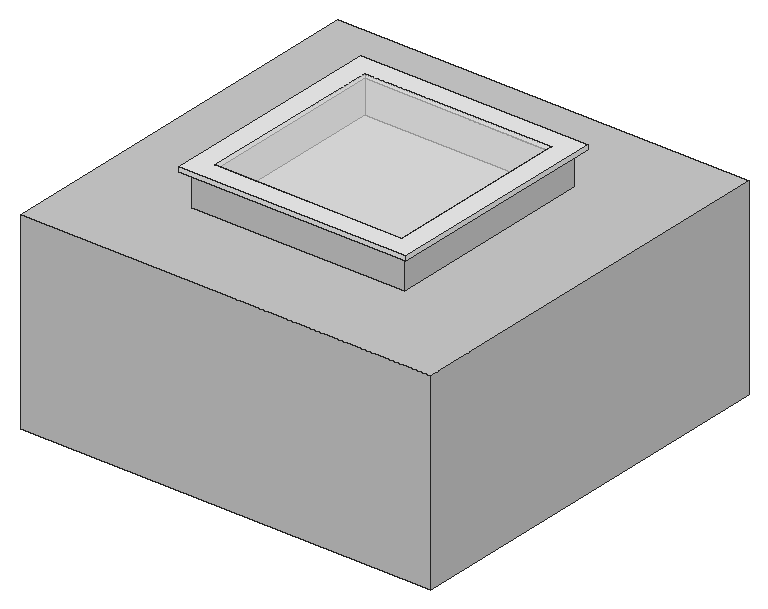
Revit family "Lighting-Recessed-Amerlux-E475SDX-A15", category Lighting Fixtures, host Face, Revit 2014
Parameters (values of type "Trim")
  Width = 10 1/16"
  Wattage = 9.2903 W
  built-in parameter 1150110 = 1 (stored number, unit not read)
  Voltage = 0 V
  URL = "http://www.amerlux.com/"
  Trim Size = 5 3/4"
  Trim [instance] = yes
  built-in parameter 1114217 = 1 (stored number, unit not read)
  Tilt Angle = -90.00°
  built-in parameter 1150109 = 1 (stored number, unit not read)
  built-in parameter 1150134 = 3
  built-in parameter 1150113 = 1 (stored number, unit not read)
  Power Factor = 1
  Photometric Web File = "generic"
  Number of Poles = 1
  built-in parameter 1150142 = (empty or 0)
  Model Number = ""
  Model = "E475SDX-A15"
  Manufacturer = "Amerlux"
  built-in parameter 1150105 = 109.82 (stored number, unit not read)
  Lumens = 1380 lm
  built-in parameter 1150115 = 1 (stored number, unit not read)
  built-in parameter 1150137 = (empty or 0)
  built-in parameter 1150139 = (empty or 0)
  Length = 14 1/2"
  built-in parameter 1150112 = 1 (stored number, unit not read)
  built-in parameter 1150114 = 1 (stored number, unit not read)
  Lamp = "LED"
  built-in parameter 1150132 = (empty or 0)
  built-in parameter 1150102 = (empty or 0)
  built-in parameter 1150107 = 3200 (stored number, unit not read)
  built-in parameter 1150138 = (empty or 0)
  built-in parameter 1150106 = 1.0982 (stored number, unit not read)
  Height = 5 11/16"
  Emit from Rectangle Width = Aperture Size  # 4 3/4"
  Emit from Rectangle Length = Aperture Size  # 4 3/4"
  Emit Shape Visible in Rendering = no
  built-in parameter 1150104 = 13.8 (stored number, unit not read)
  Dimming Lamp Color Temperature Shift = <None>
  Dimming = ""
  Description = "4.5\" Square Downlight"
  Default Elevation = 48"
  Color Filter = 16777215
  built-in parameter 1114218 = 1 (stored number, unit not read)
  built-in parameter 1150133 = 10 (stored number, unit not read)
  Apparent Load = 0 VA
  Aperture Size = 4 3/4"
Types (3): name | Trim
  (no name) | yes
  Trimless | no
  Trim | yes
Reference planes (in)
  plane 1 "Center (Front/Back)": y = 0
  plane 2: z = 0
  plane 3 "Center (Left/Right)": x = 0
  plane 4: x = -7.25
  plane 5: x = 7.25
  plane 6: z = -5.6875
  plane 7: y = 5.03125
  plane 8: y = -5.03125
Forms (in)
  Extrusion 1, solid, material "Housing"
    sketch origin (0, 0, 0) x (1, 0, 0) y (0, 1, 0)
      loop
        line (-5.16548, 5.03125) -> (-5.16548, -5.03125) -> (5.22568, -5.03125) -> (5.22568, 5.03125) -> (-5.16548, 5.03125)
    from -5.6875 to -0.8255
  Extrusion 2, void
    sketch origin (0, 0, 0) x (1, 0, 0) y (0, 1, 0)
      loop
        line (-2.375, 2.375) -> (-2.375, -2.375) -> (2.375, -2.375) -> (2.375, 2.375) -> (-2.375, 2.375)
    from -0.8255 to 0.08709
  Extrusion 3, solid, material "Trim Finish", visible <- "Trim"
    sketch origin (0, 0, 0) x (1, 0, 0) y (0, 1, 0)
      loop
        line (-2.375, 2.375) -> (-2.375, -2.375) -> (2.375, -2.375) -> (2.375, 2.375) -> (-2.375, 2.375)
      loop
        line (-2.875, 2.875) -> (-2.875, -2.875) -> (2.875, -2.875) -> (2.875, 2.875) -> (-2.875, 2.875)
    from 0 to 0.10768
  Extrusion 4, solid, material "Housing"
    sketch origin (0, 0, 0) x (1, 0, 0) y (0, 1, 0)
      loop
        line (-2.375, 2.375) -> (-2.375, -2.375) -> (2.375, -2.375) -> (2.375, 2.375) -> (-2.375, 2.375)
      loop
        line (-2.6875, 2.6875) -> (-2.6875, -2.6875) -> (2.6875, -2.6875) -> (2.6875, 2.6875) -> (-2.6875, 2.6875)
    from -0.8255 to 0
  Extrusion 5, solid, material "Lens"
    sketch origin (0, 0, 0) x (1, 0, 0) y (0, 1, 0)
      loop
        line (-2.375, 2.375) -> (-2.375, -2.375) -> (2.375, -2.375) -> (2.375, 2.375) -> (-2.375, 2.375)
    from 0 to 0.10768
Dimensions and locks (in)
  "Height": plane 6 to host face
  "Length": plane 4 to plane 5
  equal spacing: plane 7, plane 1 "Center (Front/Back)", plane 8
  equal spacing: plane 4, plane 3 "Center (Left/Right)", plane 5
  "Width": plane 7 to plane 8
  equal spacing: Extrusion 3 sketch curve, plane 1 "Center (Front/Back)", Extrusion 3 sketch curve  (x2)
  equal spacing: Extrusion 3 sketch curve, plane 3 "Center (Left/Right)", Extrusion 3 sketch curve  (x2)
  "Aperture Size": Extrusion 3 sketch curve to Extrusion 3 sketch curve  (x2)
  "Trim Size": Extrusion 3 sketch curve to Extrusion 3 sketch curve  (x2)
  locked: Extrusion 3 to Extrusion 4 sketch curve at 0.3125  (x3)
  locked: Extrusion 4 sketch curve to Extrusion 3 at 0.3125
  equal spacing: Extrusion 3, plane 3 "Center (Left/Right)", Extrusion 3
  "Aperture Size": Extrusion 4 sketch curve to Extrusion 4 sketch curve  (x2)
  equal spacing: Extrusion 3, plane 1 "Center (Front/Back)", Extrusion 3
  aligned and locked: plane 2 to host face
  aligned and locked: level to host face
  aligned and locked: Extrusion 1 to plane 6
  aligned and locked: Extrusion 1 to plane 8
  aligned and locked: plane 7 to Extrusion 1
  aligned and locked: Extrusion 4 sketch curve to Extrusion 3  (x2)
  aligned and locked: Extrusion 4 to Extrusion 1
  aligned and locked: level to Extrusion 4
  aligned and locked: Extrusion 2 sketch curve to Extrusion 3  (x4)
  aligned and locked: Extrusion 5 sketch curve to Extrusion 3  (x3)
Automatic sketch dimensions
  host sketch curve to host sketch curve = 54.51167"
  host sketch curve to host sketch curve = 52.40009"
  plane 4 to Extrusion 1 sketch curve = 2.08452"
  Extrusion 1 sketch curve to plane 5 = 2.02432"
  Extrusion 1 sketch curve to plane 8 = 0"
  Extrusion 1 sketch curve to plane 7 = 0"
  plane 3 "Center (Left/Right)" to Extrusion 5 sketch curve = 2 3/8"
Connectors (in)
  electrical at (0.0301, 0, -5.6875), driven by "Number of Poles", driven by "Voltage", driven by "Apparent Load", driven by "Power Factor"
    settings: on Extrusion 1, index 1, voltage 0 V, apparent load 0 VA, apparent load phase1 0 VA, apparent load phase2 0 VA, apparent load phase3 0 VA, power factor 1, load classification "Other", number of poles 1, system type 31, power factor state 1, is connector primary yes, connector utility no, sub classification motor no, connector description "Power"
